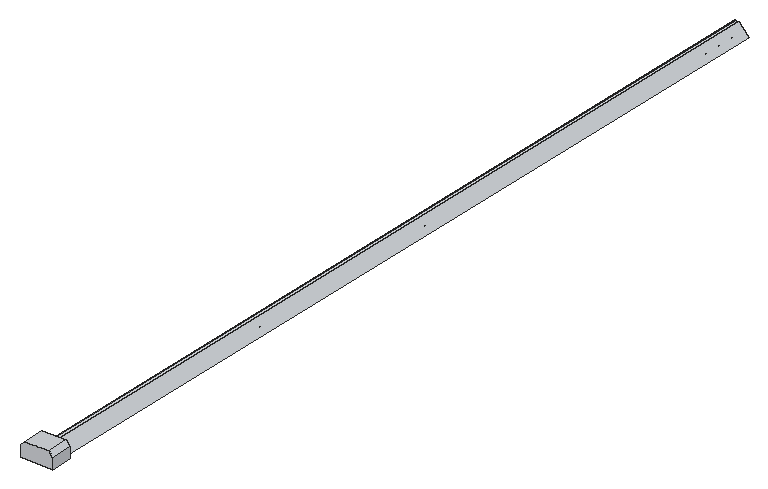
Revit family "DET3(DES3)-40-75", category Mechanical Equipment, Revit 2012
Parameters
  Weight = "190 Pounds"
  Voltage = 120 V
  URL = "www.DetroitRadiant.com"
  Top Clearance = 0' - 6"
  Stage = "DET3 (Two), DES3 (Single)"
  Side Clearances = 0' - 9"
  Recommended Mounting Height = "12' to 20'"
  Note = "Low fire input for DET3 series only"
  Model = "DET3(DES3)-40-75"
  Material (Radiant Tubes) = "Hot Rolled Steel"
  Material (Combustion Tube) = "Black Coated Aluminized Steel"
  Manufacturer = "Detroit Radiant Products Company"
  Length = 41' - 1"
  Heat Gain (Low Fire) = 50000.0 Btu/h
  Heat Gain (High Fire) = 75000.0 Btu/h
  Gas Type = "N or LP"
  Frequency = 60 Hz
  Below Clearance = 5' - 0"
Reference planes (in)
  plane 1 "Center (Front/Back)": y = 0
  plane 2: z = 0
  plane 3 "Center (Left/Right)": x = 0
Dimensions and locks (in)
  aligned and locked: plane 2 to level
Nested families (in)
  nested 1: "V3 Box With 40' Tube Assembly" at (0, 0, 0) x (-1, 0, 0) z (0, 0, 1), type "Infra-Red"
Definition of nested family "V3 Box With 40' Tube Assembly"
  Parameters (values of type "Infra-Red")
    Weight = ""
    Voltage = 0 V
    URL = "www.DetroitRadiant.com"
    Top Clearance = 0' - 0"
    Stage = ""
    Side Clearances = 0' - 0"
    Recommended Mounting Height = ""
    Material = ""
    Manufacturer = "Detroit Radiant Products Company"
    Length = 0' - 0"
    Heat Gain (Low Fire) = 0.0 Btu/h
    Heat Gain (High Fire) = 0.0 Btu/h
    Gas Type = ""
    Frequency = 0 Hz
    Current = 0 A
    Below Clearance = 0' - 0"
    Back Clearance = 0' - 0"
    Apparent Power = 0 VA
  Reference planes (in)
    plane 1 "Center (Front/Back)": y = 0
    plane 2: z = 0
    plane 3 "Center (Left/Right)": x = 0
  Forms (in)
    Extrusion 1, solid
      sketch origin (0, 0, 0) x (1, 0, 0) y (0, 0, 1)
        loop
          line (-6.375, 8.625) -> (-9, 6) -> (-9, 0) -> (9.5, 0) -> (9.5, 6) -> (6.875, 8.625) -> (-6.375, 8.625)
      from 12 to 0
    Extrusion 2, solid
      sketch origin (0, -12, -0.80973) x (1, 0, 0) y (0, 0, 1)
        loop
          line (-6.25, 1.1425) -> (-6, 1.1425) -> (-1.00787, 7.21737) -> (0.25, 6.625) -> (1.50787, 7.21737) -> (6.5, 1.1425) -> (6.75, 1.1425) -> (1.54, 7.4825) -> (0.25, 6.875) -> (-1.04, 7.4825) -> (-6.25, 1.1425)
      from 481 to 0
  Lines and regions (in)
    model lines
      curve 1: line (-9, 0, 0) -> (9.5, 0, 0)
  Dimensions and locks (in)
    aligned and locked: plane 2 to level
  Nested families (in)
    nested 1: "30' Tube (Black)" at (13.81098, -252, 0.38558) x (0, 1, 0) z (0, 0, 1), type "10' Burner"
    nested 2: "10'" at (13.81098, -136, 0.38558) x (0, 1, 0) z (0, 0, 1), type "10' Burner"
  Definition of nested family "30' Tube (Black)"
    Parameters (values of type "10' Burner")
      h = 0.0 Btu/h
      Tube = none
      Reflector = none
      Heating = 50000 VA  # 170607.1 Btu/h
      Hanger = none
    Reference planes (in)
      plane 1 "Center (Front/Back)": y = 0
      plane 2: z = 0
      plane 3 "Center (Left/Right)": x = 0
    Forms (in)
      Extrusion 1, solid, material "Default 3"
        sketch origin (96, 292.12195, 0) x (0, -1, 0) y (0, 0, 1)
          loop
            circle (278.56098, 1.61442) r 2
          loop
            circle (278.56098, 1.61442) r 1.80078
        from 116 to 0
      Extrusion 2, solid, material "Default 3"
        sketch origin (-24, -265, 0) x (0, 1, 0) y (0, 0, 1)
          loop
            circle (278.56098, 1.61442) r 1.60156
          loop
            circle (278.56098, 1.61442) r 1.80078
        from 4 to 0
      Extrusion 3, solid, material "Default 3"
        sketch origin (-20, 292.12195, 0) x (0, -1, 0) y (0, 0, 1)
          loop
            circle (278.56098, 1.61442) r 2
          loop
            circle (278.56098, 1.61442) r 1.80078
        from 116 to 0
      Extrusion 4, solid, material "Default 3"
        sketch origin (-140, -265, 0) x (0, 1, 0) y (0, 0, 1)
          loop
            circle (278.56098, 1.61442) r 1.60156
          loop
            circle (278.56098, 1.61442) r 1.80078
        from 4 to 0
      Extrusion 5, solid, material "Default 3"
        sketch origin (-136, 292.12195, 0) x (0, -1, 0) y (0, 0, 1)
          loop
            circle (278.56098, 1.61442) r 2
          loop
            circle (278.56098, 1.61442) r 1.80078
        from 101 to 0
      Extrusion 6, solid, material "Default 3"
        sketch origin (-241, -265, 0) x (0, 1, 0) y (0, 0, 1)
          loop
            circle (278.56098, 1.61442) r 1.60156
          loop
            circle (278.56098, 1.61442) r 1.80078
        from 4 to 0
    Lines and regions (in)
      model lines
        curve 1: circle (0, 13.56098, 1.61442) r 1.80078 normal (1, 0, 0)
        curve 2: circle (0, 13.56098, 1.61442) r 1.60156 normal (1, 0, 0)
        curve 3: circle (-133, 13.56098, 1.61442) r 1.80078 normal (1, 0, 0)
        curve 4: circle (-133, 13.56098, 1.61442) r 1.60156 normal (1, 0, 0)
    Dimensions and locks (in)
      aligned and locked: plane 2 to level
  Definition of nested family "10'"
    Parameters (values of type "Tube")
      h = 0.0 Btu/h
      Tube = none
      Reflector = none
      Heating = 50000 VA  # 170607.1 Btu/h
      Hanger = none
    Types (2): name
      10' Burner
      Tube
    Reference planes (in)
      plane 1 "Center (Front/Back)": y = 0
      plane 2: z = 0
      plane 3 "Center (Left/Right)": x = 0
    Forms (in)
      Extrusion 1, solid, material "Default 3"
        sketch origin (124, 292.12195, 0) x (0, -1, 0) y (0, 0, 1)
          loop
            circle (278.56098, 1.61442) r 2
          loop
            circle (278.56098, 1.61442) r 1.80078
        from 144 to 0
      Extrusion 2, solid, material "Default 3"
        sketch origin (-24, -265, 0) x (0, 1, 0) y (0, 0, 1)
          loop
            circle (278.56098, 1.61442) r 1.60156
          loop
            circle (278.56098, 1.61442) r 1.80078
        from 4 to 0
    Lines and regions (in)
      model lines
        curve 1: circle (0, 13.56098, 1.61442) r 1.80078 normal (1, 0, 0)
        curve 2: circle (0, 13.56098, 1.61442) r 1.60156 normal (1, 0, 0)
    Dimensions and locks (in)
      aligned and locked: plane 2 to level
